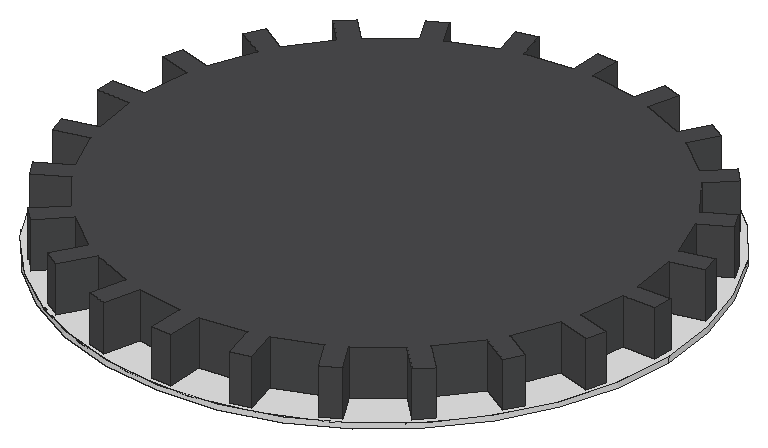
Revit family "DOWNLIGHT SLIM_LSD15WW", category Luminarias, Revit 2019
Family settings
  Cota de conector redondo = Diámetro de uso
  Tipo de pieza = Normal
  Se basa en plano de trabajo = Sí
  Siempre vertical = Sí
  Corte con vacíos al cargar = No
  Origen de luz = Sí
  Compartido = No
  Punto de cálculo de habitación = No
Parameters (values of type "DOWNLIGHT SLIM_LSD15WW")
  Ángulo de inclinación = 60.00°
  Zone [instance] = ""
  Watt per fixture = 15
  Wattage = 15 W
  built-in parameter 1150107 = 3000 (stored number, unit not read)
  built-in parameter 1150110 = 1 (stored number, unit not read)
  built-in parameter 1150109 = 1 (stored number, unit not read)
  built-in parameter 1150112 = 1 (stored number, unit not read)
  built-in parameter 1150113 = 1 (stored number, unit not read)
  built-in parameter 1114218 = 1 (stored number, unit not read)
  Keynote = ""
  built-in parameter 1150137 = (empty or 0)
  built-in parameter 1150132 = (empty or 0)
  Modelo = "LSD15WW"
  Lámpara = "2835 SMD"
  built-in parameter 1150105 = 100.27 (stored number, unit not read)
  built-in parameter 1150102 = (empty or 0)
  built-in parameter 1150106 = 1.0027 (stored number, unit not read)
  Lumens = 1260 lm
  Color Filter = 16777215
  built-in parameter 1114217 = 1 (stored number, unit not read)
  built-in parameter 1150139 = (empty or 0)
  Fabricante = "BRILLANT"
  Default Elevation = 1219.2 mm
  built-in parameter 1150104 = 7.8039 (stored number, unit not read)
  Descripción = "LUMINARIA TIPO CIRCULAR PARA EMPOTRAR EN TECHO CON CUERPO DE ALUMINIO Y VIDRIO SATINADO, IP 33 USO PARA INTERIORES CON CUERPO DE 0.77KG, CUENTA CON 1 LED TIPO 2835SMD CON UNA POTENCIA TOTAL DE 15W, A UNA TEMPERATURA EN BLANCO CALIDO 3000K CON 1260 LUMENES, EFICIENCIA DE 84LM/W, IRC 80, APERTURA A 120 GRADOS EN STOCK, 300mA EN CORRIENTE DE OPERACIÓN, CON FUENTE EXTERNA REMOTAS ALIMENTADA A 90-240V."
  built-in parameter 1150115 = 1 (stored number, unit not read)
  built-in parameter 1150114 = 1 (stored number, unit not read)
  Comentarios de vataje = "90-240V"
  built-in parameter 1150138 = (empty or 0)
  built-in parameter 1150134 = (empty or 0)
  Circuit [instance] = ""
  Dimming Lamp Color Temperature Shift = (empty or 0)
  Archivo de red fotométrica = "LSD15WW.ies"
  built-in parameter 1150133 = 10 (stored number, unit not read)
Reference planes
  plane 1 "Centro (Frontal/Posterior)": y = 0
  plane 2: z = 0
  plane 3 "Centro (Izquierda/Derecha)": x = 0
Forms (mm)
  Extrusion 1, solid, material "Cristal"
    sketch origin (0, 0, 0) x (1, 0, 0) y (0, 1, 0)
      loop
        circle (0, 0) r 60
    from -0.556 to 0
  Extrusion 2, solid, material "acabado blanco"
    sketch origin (0, 0, 0) x (1, 0, 0) y (0, 1, 0)
      loop
        circle (0, 0) r 75
      loop
        circle (0, 0) r 60
    from -1.355 to 0
  Extrusion 3, solid, material "Plastico"
    sketch origin (0, -0.049, 0.672) x (1, 0, 0) y (0, 1, 0)
      loop
        line (-2.5, 73.433) -> (-2.5, 65.687)
        arc (-2.5, 65.687) -> (-8.579, 65.167) -> (-14.582, 64.079) r 65
        line (-14.582, 64.079) -> (-16.591, 71.578) -> (-21.421, 70.284) -> (-19.407, 62.77)
        arc (-19.407, 62.77) -> (-25.132, 60.68) -> (-30.636, 58.063) r 65
        line (-30.636, 58.063) -> (-34.551, 64.845) -> (-38.881, 62.345) -> (-34.952, 55.538)
        arc (-34.952, 55.538) -> (-39.921, 52.032) -> (-44.541, 48.076) r 65
        line (-44.541, 48.076) -> (-50.157, 53.693) -> (-53.693, 50.157) -> (-48.048, 44.512)
        arc (-48.048, 44.512) -> (-51.918, 39.844) -> (-55.337, 34.836) r 65
        line (-55.337, 34.836) -> (-62.345, 38.881) -> (-64.845, 34.551) -> (-57.794, 30.481)
        arc (-57.794, 30.481) -> (-60.307, 24.986) -> (-62.298, 19.281) r 65
        line (-62.298, 19.281) -> (-70.284, 21.421) -> (-71.578, 16.591) -> (-63.539, 14.437)
        arc (-63.539, 14.437) -> (-64.534, 8.502) -> (-64.976, 2.5) r 65
        line (-64.976, 2.5) -> (-73.433, 2.5) -> (-73.433, -2.5) -> (-64.919, -2.5)
        arc (-64.919, -2.5) -> (-64.346, -8.466) -> (-63.225, -14.353) r 65
        line (-63.225, -14.353) -> (-71.578, -16.591) -> (-70.284, -21.421) -> (-61.878, -19.168)
        arc (-61.878, -19.168) -> (-59.791, -24.76) -> (-57.2, -30.138) r 65
        line (-57.2, -30.138) -> (-64.845, -34.551) -> (-62.345, -38.881) -> (-54.658, -34.443)
        arc (-54.658, -34.443) -> (-51.214, -39.292) -> (-47.341, -43.805) r 65
        line (-47.341, -43.805) -> (-53.693, -50.157) -> (-50.157, -53.693) -> (-43.777, -47.312)
        arc (-43.777, -47.312) -> (-39.216, -51.102) -> (-34.329, -54.46) r 65
        line (-34.329, -54.46) -> (-38.881, -62.345) -> (-34.551, -64.845) -> (-29.985, -56.935)
        arc (-29.985, -56.935) -> (-24.616, -59.423) -> (-19.044, -61.412) r 65
        line (-19.044, -61.412) -> (-21.421, -70.284) -> (-16.591, -71.578) -> (-14.21, -62.692)
        arc (-14.21, -62.692) -> (-8.39, -63.721) -> (-2.5, -64.217) r 65
        line (-2.5, -64.217) -> (-2.5, -73.433) -> (2.5, -73.433) -> (2.5, -64.217)
        arc (2.5, -64.217) -> (8.39, -63.721) -> (14.21, -62.692) r 65
        line (14.21, -62.692) -> (16.591, -71.578) -> (21.421, -70.284) -> (19.044, -61.412)
        arc (19.044, -61.412) -> (24.616, -59.423) -> (29.985, -56.935) r 65
        line (29.985, -56.935) -> (34.551, -64.845) -> (38.881, -62.345) -> (34.329, -54.46)
        arc (34.329, -54.46) -> (39.216, -51.102) -> (43.777, -47.312) r 65
        line (43.777, -47.312) -> (50.157, -53.693) -> (53.693, -50.157) -> (47.341, -43.805)
        arc (47.341, -43.805) -> (51.214, -39.292) -> (54.658, -34.443) r 65
        line (54.658, -34.443) -> (62.345, -38.881) -> (64.845, -34.551) -> (57.2, -30.138)
        arc (57.2, -30.138) -> (59.791, -24.76) -> (61.878, -19.168) r 65
        line (61.878, -19.168) -> (70.284, -21.421) -> (71.578, -16.591) -> (63.225, -14.353)
        arc (63.225, -14.353) -> (64.346, -8.466) -> (64.919, -2.5) r 65
        line (64.919, -2.5) -> (73.433, -2.5) -> (73.433, 2.5) -> (64.976, 2.5)
        arc (64.976, 2.5) -> (64.534, 8.502) -> (63.539, 14.437) r 65
        line (63.539, 14.437) -> (71.578, 16.591) -> (70.284, 21.421) -> (62.298, 19.281)
        arc (62.298, 19.281) -> (60.307, 24.986) -> (57.794, 30.481) r 65
        line (57.794, 30.481) -> (64.845, 34.551) -> (62.345, 38.881) -> (55.337, 34.836)
        arc (55.337, 34.836) -> (51.918, 39.844) -> (48.048, 44.512) r 65
        line (48.048, 44.512) -> (53.693, 50.157) -> (50.157, 53.693) -> (44.541, 48.076)
        arc (44.541, 48.076) -> (39.921, 52.032) -> (34.952, 55.538) r 65
        line (34.952, 55.538) -> (38.881, 62.345) -> (34.551, 64.845) -> (30.636, 58.063)
        arc (30.636, 58.063) -> (25.132, 60.68) -> (19.407, 62.77) r 65
        line (19.407, 62.77) -> (21.421, 70.284) -> (16.591, 71.578) -> (14.582, 64.079)
        arc (14.582, 64.079) -> (8.579, 65.167) -> (2.5, 65.687) r 65
        line (2.5, 65.687) -> (2.5, 73.433) -> (-2.5, 73.433)
    from -0.672 to 11.328
Lines and regions (mm)
  model lines
    curve 1: line (-2.5, 52.389, 0) -> (2.5, 52.389, 0)
    curve 2: line (0, 52.389, 0) -> (0, 0, 0)
Dimensions and locks
  Extrusion 3 to level = 12 mm
  diameter of Extrusion 2 sketch curve = 150 mm
  aligned and locked: level to plane 2
  aligned and locked: Extrusion 3 to level
Connectors
  electrical at (0, 0.135, 12)
    settings: on Extrusion 3, index 1, voltage 240 V, apparent load 0 VA, apparent load phase1 0 VA, apparent load phase2 0 VA, apparent load phase3 0 VA, power factor 1, load classification "Otro", number of poles 1, system type 31, power factor state 1, is connector primary yes, connector utility no, sub classification motor no, connector description ""
